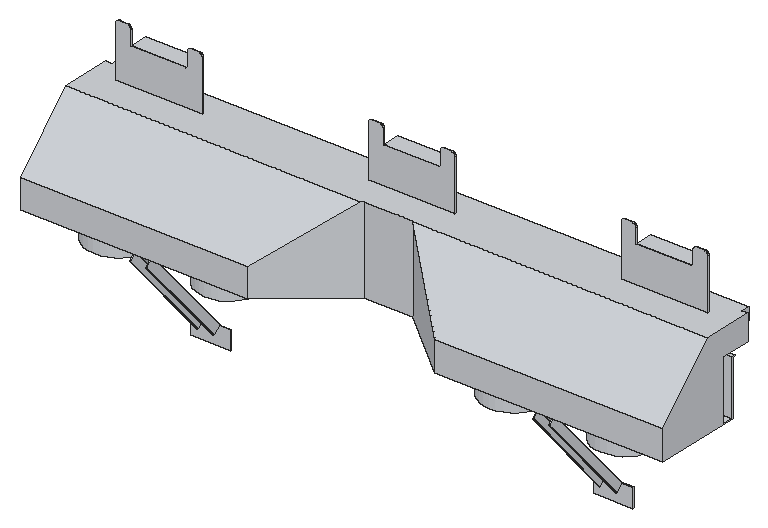
Revit family "HDKPD48 - DL48-TV Kit - Heat distribution", category Generic Models, Revit 2019
Family settings
  Can host rebar = No
  Round Connector Dimension = Use Diameter
  Part Type = Normal
  Work Plane-Based = No
  Always vertical = Yes
  Cut with Voids When Loaded = No
  Shared = No
  Room Calculation Point = No
Reference planes (in)
  plane 1 "Center (Front/Back)": y = 0
  plane 2: z = 0
  plane 3 "Center (Left/Right)": x = 0
Forms (in)
  Sweep 1, solid
    path origin (0, 0, 0) x (1, 0, 0) y (0, 1, 0)
      loop
        line (-25.9375, 0) -> (25.9375, 0)
    profile origin (0, 0, 0) x (0, 1, 0) y (0, 0, 1)
      loop
        line (3.17785, 6.96033) -> (-1.45521, 6.96033) -> (-6.07215, 2.3434) -> (-6.07215, 0) -> (0, 0) -> (0.99035, 0) -> (0.99035, 4.44559) -> (1.2091, 4.44559) -> (1.2091, 4.5) -> (0.93594, 4.5) -> (0.93594, 0.05469) -> (0, 0.05469) -> (0, 4.89783) -> (3.17785, 4.89783) -> (3.17785, 6.96033)
  Extrusion 2, void
    sketch origin (0, 0, 0) x (1, 0, 0) y (0, 1, 0)
      loop
        line (-1.95502, -1.33367) -> (-7.54245, -6.07215) -> (7.54245, -6.07215) -> (1.95502, -1.33367) -> (-1.95502, -1.33367)
    from -4.28383 to 12
  Extrusion 3, solid
    sketch origin (0, 0, 0) x (1, 0, 0) y (0, 1, 0)
      loop
        circle (11.49103, -2.9493) r 2.5
      loop
        circle (20.49103, -2.9493) r 2.5
      loop
        circle (-11.49103, -2.9493) r 2.5
      loop
        circle (-20.49103, -2.9493) r 2.5
    from 0 to -1.5
  Extrusion 4, void
    sketch origin (-6.03125, 0, 0) x (1, 0, 0) y (0, 1, 0)
      loop
        line (31.50444, 3.17785) -> (31.50444, 2.57188) -> (31.96812, 2.57188) -> (31.96812, 3.17785) -> (31.50444, 3.17785)
      loop
        line (-19.44257, 3.17785) -> (-19.90625, 3.17785) -> (-19.90625, 2.57188) -> (-19.44257, 2.57188) -> (-19.44257, 3.17785)
    from 0 to 12
  Extrusion 5, solid
    sketch origin (-27.1478, 3.17785, 5.98567) x (1, 0, 0) y (0, 0, -1)
      loop
        line (3.23166, -0.97466) -> (3.23166, -5.08083)
        arc (3.23166, -5.08083) -> (3.31947, -5.29281) -> (3.53145, -5.38062) r 0.29979
        line (3.53145, -5.38062) -> (4.13104, -5.38062)
        arc (4.13104, -5.38062) -> (4.34303, -5.29281) -> (4.43083, -5.08083) r 0.29979
        line (4.43083, -5.08083) -> (4.43083, -3.89265) -> (9.02766, -3.89265) -> (9.02766, -5.08083)
        arc (9.02766, -5.08083) -> (9.11547, -5.29281) -> (9.32745, -5.38062) r 0.29979
        line (9.32745, -5.38062) -> (9.92704, -5.38062)
        arc (9.92704, -5.38062) -> (10.13902, -5.29281) -> (10.22683, -5.08083) r 0.29979
        line (10.22683, -5.08083) -> (10.22683, -0.97466) -> (3.23166, -0.97466)
      loop
        line (44.06877, -0.97466) -> (44.06877, -5.08083)
        arc (44.06877, -5.08083) -> (44.15657, -5.29281) -> (44.36856, -5.38062) r 0.29979
        line (44.36856, -5.38062) -> (44.96814, -5.38062)
        arc (44.96814, -5.38062) -> (45.18013, -5.29281) -> (45.26794, -5.08083) r 0.29979
        line (45.26794, -5.08083) -> (45.26794, -3.89265) -> (49.86476, -3.89265) -> (49.86476, -5.08083)
        arc (49.86476, -5.08083) -> (49.95257, -5.29281) -> (50.16455, -5.38062) r 0.29979
        line (50.16455, -5.38062) -> (50.76414, -5.38062)
        arc (50.76414, -5.38062) -> (50.97613, -5.29281) -> (51.06393, -5.08083) r 0.29979
        line (51.06393, -5.08083) -> (51.06393, -0.97466) -> (44.06877, -0.97466)
      loop
        line (30.6406, -0.97466) -> (23.64543, -0.97466) -> (23.64543, -5.08083)
        arc (23.64543, -5.08083) -> (23.73324, -5.29281) -> (23.94523, -5.38062) r 0.29979
        line (23.94523, -5.38062) -> (24.54481, -5.38062)
        arc (24.54481, -5.38062) -> (24.7568, -5.29281) -> (24.84461, -5.08083) r 0.29979
        line (24.84461, -5.08083) -> (24.84461, -3.89265) -> (29.44143, -3.89265) -> (29.44143, -5.08083)
        arc (29.44143, -5.08083) -> (29.52924, -5.29281) -> (29.74122, -5.38062) r 0.29979
        line (29.74122, -5.38062) -> (30.34081, -5.38062)
        arc (30.34081, -5.38062) -> (30.5528, -5.29281) -> (30.6406, -5.08083) r 0.29979
        line (30.6406, -5.08083) -> (30.6406, -0.97466)
    from -2.125 to -2.0625
  Extrusion 6, solid
    sketch origin (-27.1478, 3.17785, 5.98567) x (1, 0, 0) y (0, 0, -1)
      loop
        line (4.43083, -3.89265) -> (9.02766, -3.89265) -> (9.02766, -3.83015) -> (4.43083, -3.83015) -> (4.43083, -3.89265)
      loop
        line (45.26794, -3.89265) -> (49.86476, -3.89265) -> (49.86476, -3.83015) -> (45.26794, -3.83015) -> (45.26794, -3.89265)
      loop
        line (24.84461, -3.89265) -> (29.44143, -3.89265) -> (29.44143, -3.83015) -> (24.84461, -3.83015) -> (24.84461, -3.89265)
    from -0.625 to -2.0625
  Extrusion 7, solid
    sketch origin (-23.36283, 3.17785, 0.1822) x (1, 0, 0) y (0, 0, -1)
      loop
        line (-0.79347, -4.71564) -> (6.2017, -4.71564) -> (6.2017, -2.0175)
        arc (6.2017, -2.0175) -> (6.11389, -1.80551) -> (5.9019, -1.71771) r 0.29979
        line (5.9019, -1.71771) -> (5.30232, -1.71771)
        arc (5.30232, -1.71771) -> (5.09033, -1.80551) -> (5.00252, -2.0175) r 0.29979
        line (5.00252, -2.0175) -> (5.00252, -3.29662) -> (0.4057, -3.29662) -> (0.4057, -2.0175)
        arc (0.4057, -2.0175) -> (0.31789, -1.80551) -> (0.10591, -1.71771) r 0.29979
        line (0.10591, -1.71771) -> (-0.49368, -1.71771)
        arc (-0.49368, -1.71771) -> (-0.70566, -1.80551) -> (-0.79347, -2.0175) r 0.29979
        line (-0.79347, -2.0175) -> (-0.79347, -4.71564)
      loop
        line (47.51912, -4.71564) -> (47.51912, -2.0175)
        arc (47.51912, -2.0175) -> (47.43132, -1.80551) -> (47.21933, -1.71771) r 0.29979
        line (47.21933, -1.71771) -> (46.61975, -1.71771)
        arc (46.61975, -1.71771) -> (46.40776, -1.80551) -> (46.31995, -2.0175) r 0.29979
        line (46.31995, -2.0175) -> (46.31995, -3.29662) -> (41.72313, -3.29662) -> (41.72313, -2.0175)
        arc (41.72313, -2.0175) -> (41.63532, -1.80551) -> (41.42334, -1.71771) r 0.29979
        line (41.42334, -1.71771) -> (40.82375, -1.71771)
        arc (40.82375, -1.71771) -> (40.61176, -1.80551) -> (40.52396, -2.0175) r 0.29979
        line (40.52396, -2.0175) -> (40.52396, -4.71564) -> (47.51912, -4.71564)
    from -0.5 to -0.5625
  Extrusion 8, solid
    sketch origin (-26.78805, 3.17785, -0.35134) x (1, 0, 0) y (0, 0, -1)
      loop
        line (3.83092, -3.89265) -> (8.42774, -3.89265) -> (8.42774, -3.83015) -> (3.83092, -3.83015) -> (3.83092, -3.89265)
      loop
        line (45.14835, -3.89265) -> (49.74517, -3.89265) -> (49.74517, -3.83015) -> (45.14835, -3.83015) -> (45.14835, -3.89265)
    from -0.625 to -2.0625
  Extrusion 9, solid
    sketch origin (-29.1478, 3.17785, -1.85808) x (1, 0, 0) y (0, 0, -1)
      loop
        line (47.01285, 5.98567) -> (47.01285, 7.48567) -> (43.81069, 7.48567) -> (43.81069, 5.98567) -> (47.01285, 5.98567)
      loop
        line (14.4849, 5.98567) -> (14.4849, 7.48567) -> (11.28274, 7.48567) -> (11.28274, 5.98567) -> (14.4849, 5.98567)
    from -2.125 to -2.0625
  Sweep 10, solid
    path origin (-16.26397, -0.01911, 0.01911) x (0, 1, 0) y (0, 0, 1)
      loop
        line (-5.65127, 0) -> (1.09107, -7.84375)
    profile origin (-16.26397, -2.29921, -3.90277) x (0, 0.758342, 0.651857) y (1, 0, 0)
      loop
        line (0, -0.6875) -> (0, 0.6875) -> (-0.75, 0.6875) -> (-0.75, 0.625) -> (-0.0625, 0.625) -> (-0.0625, -0.625) -> (-0.75, -0.625) -> (-0.75, -0.6875) -> (0, -0.6875)
  Sweep 11, solid
    path origin (16.26397, -0.01911, 0.01911) x (0, 1, 0) y (0, 0, 1)
      loop
        line (-5.65127, 0) -> (1.09107, -7.84375)
    profile origin (16.26397, -2.29921, -3.90277) x (0, 0.758342, 0.651857) y (1, 0, 0)
      loop
        line (0, -0.6875) -> (0, 0.6875) -> (-0.75, 0.6875) -> (-0.75, 0.625) -> (-0.0625, 0.625) -> (-0.0625, -0.625) -> (-0.75, -0.625) -> (-0.75, -0.6875) -> (0, -0.6875)
Cuts and joins
  Extrusion 2, Extrusion 4 cuts Sweep 1
Lines and regions (in)
  symbolic lines
    curve 1: line (0, -7.09871, 1.68389) -> (0, 1.09107, -7.84375)
Dimensions and locks (in)
  Sweep 1 sketch curve to Sweep 1 sketch curve = 0' - 9 1/4"
  aligned and locked: plane 2 to level
Connectors (in)
  hvac at (0, 3.17785, 5.92908)
    settings: on cut or joined group of Sweep 1, Extrusion 2, Extrusion 4, index 1, duct flow 0 CFM, flow factor 0, pres drop 0.00 in-wg, loss coef 0, conn angle 0.00°, conn width 50 7/8", conn height 2", conn diameter 24", duct sys type 3, conn prof type 1, flow config 0, flow direction 0, loss method 0, conn ref index -1, conn util no, is conn primary yes, conn desc ""
  hvac at (11.49103, -2.9493, -1.5)
    settings: on Extrusion 3, index 2, duct flow 0 CFM, flow factor 0, pres drop 0.00 in-wg, loss coef 0, conn angle 0.00°, conn width 12", conn height 12", conn diameter 5", duct sys type 1, conn prof type 0, flow config 0, flow direction 0, loss method 0, conn ref index -1, conn util no, is conn primary no, conn desc ""
  hvac at (11.49103, -2.9493, -1.5)
    settings: on Extrusion 3, index 3, duct flow 0 CFM, flow factor 0, pres drop 0.00 in-wg, loss coef 0, conn angle 0.00°, conn width 12", conn height 12", conn diameter 5", duct sys type 1, conn prof type 0, flow config 0, flow direction 0, loss method 0, conn ref index -1, conn util no, is conn primary no, conn desc ""
  hvac at (20.49103, -2.9493, -1.5)
    settings: on Extrusion 3, index 4, duct flow 0 CFM, flow factor 0, pres drop 0.00 in-wg, loss coef 0, conn angle 0.00°, conn width 12", conn height 12", conn diameter 5", duct sys type 1, conn prof type 0, flow config 0, flow direction 0, loss method 0, conn ref index -1, conn util no, is conn primary no, conn desc ""
  hvac at (-11.49103, -2.9493, -1.5)
    settings: on Extrusion 3, index 5, duct flow 0 CFM, flow factor 0, pres drop 0.00 in-wg, loss coef 0, conn angle 0.00°, conn width 12", conn height 12", conn diameter 5", duct sys type 1, conn prof type 0, flow config 0, flow direction 0, loss method 0, conn ref index -1, conn util no, is conn primary no, conn desc ""
  hvac at (-20.49103, -2.9493, -1.5)
    settings: on Extrusion 3, index 6, duct flow 0 CFM, flow factor 0, pres drop 0.00 in-wg, loss coef 0, conn angle 0.00°, conn width 12", conn height 12", conn diameter 5", duct sys type 1, conn prof type 0, flow config 0, flow direction 0, loss method 0, conn ref index -1, conn util no, is conn primary no, conn desc ""
